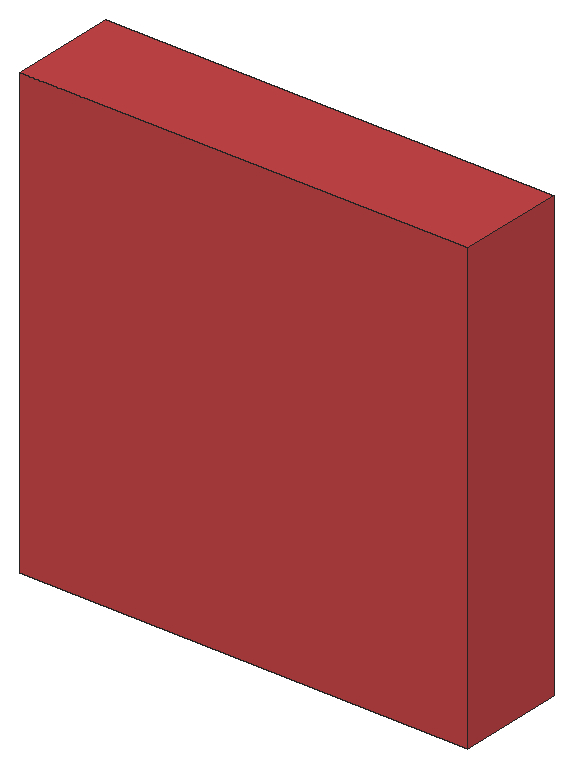
Revit family "IQ8 MCP Small", category Fire Alarm Devices, Revit 2014
Parameters (values of type "MCP Small")
  type of detector [instance] = ""
  material 3 = White
  material 2 = Transparant
  material = Red
  l1 = 88 mm
  h1 = 88 mm
  distance to the wall [instance] = 0 mm
  distance symbol from center [instance] = 0 mm
  content_version = "1.0"
  content_date_modified = "16.06.2015"
  content_date_creation = "16.06.2015"  # constant formula
  b2 = 4 mm
  b1 = 21 mm
  article number = "804971"
  URL = "https://www.esser-systems.com/en/produkte/details/manual-call-points/small-design-abs/804971-iq8mcp-compact-small-red-with-isolator-and-glass-pane.html"
  Model = "IQ8MCP compact, small, red, with isolator and glass pane"
  Manufacturer = "Esser by Honeywell"  # constant formula
  GTIN = ""
  GLN = ""
Reference planes
  plane 1 "Center (Front/Back)": y = 0
  plane 2: z = 0
  plane 3 "Center (Left/Right)": x = 0
  plane 4 "Left": x = 44
  plane 5 "Right": x = -44
  plane 6 "Front": y = 21
  plane 7 "Top": z = 44
  plane 8 "Flip Front": y = 17
  plane 9 "Bottom": z = -44
Forms (mm)
  Extrusion 1, solid, material "Red" <- "material"
    sketch origin (0, 21, 0) x (1, 0, 0) y (0, 0, 1)
      loop
        line (44, 44) -> (-44, 44) -> (-44, -44) -> (44, -44) -> (44, 44)
    from 0 to 21
  Extrusion 2, void
    sketch origin (0, 21, 0) x (1, 0, 0) y (0, 0, 1)
      loop
        line (25, 25) -> (-25, 25) -> (-25, -25) -> (25, -25) -> (25, 25)
      loop
        line (25, 27.009) -> (25, 41.009) -> (-25, 41.009) -> (-25, 27.009) -> (25, 27.009)
    from 0 to 5
  Extrusion 3, solid, material "White" <- "material 3"
    sketch origin (-221.97, 21, -589.762) x (1, 0, 0) y (0, 0, 1)
      loop
        line (226.656, 625.856) -> (226.656, 629.434) -> (223.936, 629.434) -> (223.936, 627.491) -> (224.736, 627.01) -> (224.736, 628.634) -> (225.856, 628.634) -> (225.856, 626.337) -> (226.656, 625.856)
      loop
        line (228.484, 624.407) -> (221.97, 628.321) -> (215.456, 624.407) -> (215.456, 623.474) -> (221.97, 627.388) -> (228.484, 623.474) -> (228.484, 624.407)
      loop
        line (226.847, 624.224) -> (226.847, 618.94) -> (224.021, 618.94) -> (224.021, 623.206) -> (223.221, 623.206) -> (223.221, 618.14) -> (227.647, 618.14) -> (227.647, 623.743) -> (226.847, 624.224)
      loop
        line (220.189, 618.94) -> (217.093, 618.94) -> (217.093, 624.224) -> (216.293, 623.743) -> (216.293, 618.14) -> (220.189, 618.14) -> (220.189, 618.94)
    from 4 to 5
  Extrusion 4, solid, material "White" <- "material 3"
    sketch origin (-221.97, 21, -589.762) x (1, 0, 0) y (0, 0, 1)
      loop
        spline (220.239, 621.213) -> (219.8, 621.748) -> (219.617, 621.93) -> (219.464, 621.943) -> (219.317, 621.843) -> (219.216, 621.649) -> (219.186, 621.381) -> (219.223, 621.067) -> (219.319, 620.736) -> (219.471, 620.411) -> (219.699, 620.069) -> (220.032, 619.674) -> (220.497, 619.19)
        spline (220.497, 619.19) -> (220.886, 619.651) -> (221.105, 620.053) -> (221.199, 620.394) -> (221.214, 620.672) -> (221.177, 620.895) -> (221.093, 621.077) -> (220.965, 621.236) -> (220.804, 621.372) -> (220.64, 621.431) -> (220.506, 621.354) -> (220.399, 621.19) -> (220.239, 621.213)
      loop
        spline (220.625, 618.753) -> (221.979, 619.442) -> (222.641, 620.337) -> (222.833, 621.208) -> (222.743, 622.035) -> (222.489, 622.802) -> (222.056, 623.46) -> (221.469, 623.997) -> (220.859, 624.496) -> (220.302, 625.077) -> (219.774, 625.906) -> (219.238, 627.174) -> (218.649, 629.114)
        line (218.649, 629.114) -> (219.169, 623.498) -> (217.045, 625.865)
        spline (217.045, 625.865) -> (217.13, 624.413) -> (217.237, 623.714) -> (217.221, 623.147) -> (217.167, 622.588) -> (217.183, 622.026) -> (217.346, 621.495) -> (217.687, 621.024) -> (218.13, 620.625) -> (218.606, 620.282) -> (219.129, 619.894) -> (219.749, 619.364) -> (220.625, 618.753)
    from 3.9 to 5
  Extrusion 5, solid, material "Black"
    sketch origin (0, 16, 0) x (-1, 0, 0) y (0, 0, 1)
      loop
        line (-14.332, 2.667) -> (-20.998, 2.667) -> (-20.998, -2.667) -> (-14.332, -2.667) -> (-14.332, -5.833) -> (-9.332, 0) -> (-14.332, 5.833) -> (-14.332, 2.667)
      loop
        line (20.998, 2.667) -> (14.332, 2.667) -> (14.332, 5.833) -> (9.332, 0) -> (14.332, -5.833) -> (14.332, -2.667) -> (20.998, -2.667) -> (20.998, 2.667)
      loop
        circle (0, 0) r 5.333
    from 0 to 1
  Extrusion 6, solid, material "Transparant" <- "material 2"
    sketch origin (0, 21, 0) x (1, 0, 0) y (0, 0, 1)
      loop
        line (25, 25) -> (-25, 25) -> (-25, -25) -> (25, -25) -> (25, 25)
      loop
        line (25, 27.009) -> (25, 41.009) -> (-25, 41.009) -> (-25, 27.009) -> (25, 27.009)
    from 0 to 4
  Extrusion 7, solid, material "White" <- "material 3"
    sketch origin (0, 21, 0) x (1, 0, 0) y (0, 0, 1)
      loop
        line (25, 25) -> (-25, 25) -> (-25, -25) -> (25, -25) -> (25, 25)
    from 4.5 to 5
Cuts and joins
  Extrusion 2 cuts Extrusion 1
Lines and regions (mm)
  model lines
    curve 1: line (33.5, 21, 25.333) -> (33.5, 21, 44)
    curve 2: line (33.5, 21, 44) -> (33.5, 0, 44)
    curve 3: line (-33.5, 21, 44) -> (-33.5, 0, 44)
    curve 4: arc (-25, 21, 25) -> (0, 21, -35.355) -> (25, 21, 25) r 35.355
    curve 5: arc (-33.5, 21, 25.333) -> (0, 21, -42) -> (33.5, 21, 25.333) r 42
    curve 6: line (-33.5, 21, 25.333) -> (-33.5, 21, 44)
    curve 7: line (6.797, 21, -24.746) -> (6.797, 21, -39.926)
    curve 8: arc (-6.797, 21, -39.926) -> (0, 21, -40.5) -> (6.797, 21, -39.926) r 40.5
    curve 9: line (-6.797, 21, -24.746) -> (-6.797, 21, -39.926)
Dimensions and locks
  equal spacing: plane 4 "Left", plane 3 "Center (Left/Right)", plane 5 "Right"
  "b1": plane 1 "Center (Front/Back)" to plane 6 "Front"
  "l1": plane 4 "Left" to plane 5 "Right"
  locked: plane 2 to level
  "b2": plane 8 "Flip Front" to plane 6 "Front"
  equal spacing: plane 7 "Top", level, plane 9 "Bottom"
  "h1": plane 7 "Top" to plane 9 "Bottom"
  aligned and locked: plane 7 "Top" to Extrusion 1 sketch curve
  aligned and locked: Extrusion 1 sketch curve to plane 4 "Left"
  aligned and locked: Extrusion 1 sketch curve to plane 9 "Bottom"
  aligned and locked: Extrusion 1 sketch curve to plane 5 "Right"
  aligned and locked: plane 1 "Center (Front/Back)" to Extrusion 1
  aligned and locked: curve 2 to curve 1
  aligned and locked: curve 3 to curve 6
  aligned and locked: Extrusion 6 to plane 8 "Flip Front"
Automatic sketch dimensions
  curve 4 to curve 5 = 0 mm
  curve 4 to curve 8 = 0 mm  (x2)
  curve 5 to curve 8 = 0 mm
  curve 6 to plane 7 "Top" = 0 mm
  curve 5 to level = 0 mm
  plane 3 "Center (Left/Right)" to curve 5 = 0 mm
  curve 1 to plane 7 "Top" = 0 mm
  plane 5 "Right" to curve 6 = 10.5 mm
  curve 7 to plane 3 "Center (Left/Right)" = 6.797 mm
  plane 4 "Left" to curve 1 = 10.5 mm
  plane 9 "Bottom" to curve 7 = 4.074 mm
  curve 6 to curve 6 = 18.667 mm
  plane 3 "Center (Left/Right)" to curve 9 = 6.797 mm
  curve 5 to curve 4 = 8.5 mm
  curve 4 to curve 1 = 8.5 mm
  curve 8 to curve 9 = 15.179 mm
  curve 7 to curve 9 = 0 mm
  curve 4 to curve 1 = 0.333 mm
  Extrusion 2 sketch curve to plane 7 "Top" = 2.991 mm
  plane 5 "Right" to Extrusion 2 sketch curve = 19 mm
  Extrusion 2 sketch curve to Extrusion 2 sketch curve = 0 mm  (x2)
  plane 4 "Left" to Extrusion 2 sketch curve = 19 mm
  Extrusion 2 sketch curve to Extrusion 2 sketch curve = 14 mm
  Extrusion 2 sketch curve to Extrusion 2 sketch curve = 2.009 mm
  plane 9 "Bottom" to Extrusion 2 sketch curve = 19 mm
  plane 3 "Center (Left/Right)" to Extrusion 3 sketch curve = 0 mm  (x2)
  plane 3 "Center (Left/Right)" to Extrusion 3 sketch curve = 1.781 mm
  Extrusion 3 sketch curve to Extrusion 3 sketch curve = 3.096 mm
  Extrusion 3 sketch curve to Extrusion 3 sketch curve = 0.8 mm  (x8)
  Extrusion 3 sketch curve to Extrusion 3 sketch curve = 0.837 mm  (x2)
  Extrusion 3 sketch curve to plane 3 "Center (Left/Right)" = 1.251 mm
  Extrusion 3 sketch curve to plane 3 "Center (Left/Right)" = 1.966 mm
  Extrusion 3 sketch curve to Extrusion 3 sketch curve = 1.12 mm
  Extrusion 3 sketch curve to Extrusion 3 sketch curve = 2.827 mm
  Extrusion 3 sketch curve to plane 7 "Top" = 15.622 mm
  Extrusion 3 sketch curve to Extrusion 3 sketch curve = 0 mm
  Extrusion 3 sketch curve to Extrusion 3 sketch curve = 4.267 mm
  Extrusion 3 sketch curve to Extrusion 3 sketch curve = 0.268 mm
  Extrusion 3 sketch curve to Extrusion 3 sketch curve = 4.534 mm
  Extrusion 3 sketch curve to Extrusion 3 sketch curve = 0.269 mm  (x2)
  Extrusion 3 sketch curve to Extrusion 3 sketch curve = 0.481 mm  (x4)
  Extrusion 3 sketch curve to Extrusion 3 sketch curve = 0.933 mm  (x3)
  Extrusion 3 sketch curve to Extrusion 3 sketch curve = 1.632 mm
  Extrusion 3 sketch curve to Extrusion 3 sketch curve = 0.673 mm
  Extrusion 3 sketch curve to Extrusion 3 sketch curve = 0.378 mm
  Extrusion 3 sketch curve to Extrusion 3 sketch curve = 1.143 mm
  plane 3 "Center (Left/Right)" to Extrusion 4 sketch curve = 4.925 mm
  plane 3 "Center (Left/Right)" to Extrusion 4 sketch curve = 3.321 mm
  plane 3 "Center (Left/Right)" to Extrusion 4 sketch curve = 2.801 mm
  plane 3 "Center (Left/Right)" to Extrusion 4 sketch curve = 1.473 mm
  Extrusion 4 sketch curve to Extrusion 4 sketch curve = 0.128 mm
  Extrusion 4 sketch curve to plane 7 "Top" = 15.009 mm
  Extrusion 4 sketch curve to Extrusion 4 sketch curve = 0.437 mm
  Extrusion 4 sketch curve to Extrusion 4 sketch curve = 4.307 mm
  Extrusion 4 sketch curve to Extrusion 4 sketch curve = 2.368 mm
  Extrusion 4 sketch curve to Extrusion 4 sketch curve = 3.248 mm
  plane 3 "Center (Left/Right)" to Extrusion 4 sketch curve = 1.731 mm
  Extrusion 4 sketch curve to Extrusion 4 sketch curve = 0 mm  (x2)
  Extrusion 4 sketch curve to Extrusion 4 sketch curve = 2.023 mm
  Extrusion 1 to curve 3 = 0 mm
  Extrusion 1 to curve 2 = 0 mm
  curve 3 to Extrusion 1 = 0 mm
  curve 2 to Extrusion 1 = 0 mm
  Extrusion 5 sketch curve to Extrusion 5 sketch curve = 0 mm  (x6)
  Extrusion 5 sketch curve to Extrusion 2 = 4.002 mm  (x2)
  Extrusion 5 sketch curve to Extrusion 5 sketch curve = 6.667 mm
  Extrusion 5 sketch curve to Extrusion 5 sketch curve = 5 mm  (x2)
  Extrusion 5 sketch curve to Extrusion 5 sketch curve = 9.332 mm  (x2)
  Extrusion 5 sketch curve to Extrusion 2 = 19.167 mm  (x2)
  Extrusion 5 sketch curve to Extrusion 5 sketch curve = 3.167 mm  (x4)
  Extrusion 5 sketch curve to Extrusion 5 sketch curve = 2.667 mm
  Extrusion 5 sketch curve to Extrusion 5 sketch curve = 5.333 mm  (x2)
  Extrusion 5 sketch curve to Extrusion 5 sketch curve = 3.998 mm
  Extrusion 6 sketch curve to plane 7 "Top" = 2.991 mm
  plane 5 "Right" to Extrusion 6 sketch curve = 19 mm
  Extrusion 6 sketch curve to Extrusion 6 sketch curve = 0 mm  (x2)
  plane 4 "Left" to Extrusion 6 sketch curve = 19 mm
  Extrusion 6 sketch curve to Extrusion 6 sketch curve = 14 mm
  Extrusion 6 sketch curve to Extrusion 6 sketch curve = 2.009 mm
  plane 9 "Bottom" to Extrusion 6 sketch curve = 19 mm
  plane 5 "Right" to Extrusion 7 sketch curve = 19 mm
  plane 4 "Left" to Extrusion 7 sketch curve = 19 mm
  plane 9 "Bottom" to Extrusion 7 sketch curve = 19 mm
  Extrusion 7 sketch curve to plane 7 "Top" = 19 mm
Nested families
  nested 1: "Honeywell_Druckknopfmelder" at (0, 0, 0), type of detector <- "type of detector", distance to the wall <- "distance to the wall", distance symbol from center <- "distance symbol from center", type "druckknopfmelder DK"
    with type of detector "", distance to the wall 0 mm, distance symbol from center 0 mm, atdm min 0 mm, atdm 0 mm, afst mid plus 0 mm, afst mid min 0 mm
Connectors
  electrical at (0, 0, 0)
    settings: on cut or joined group of Extrusion 1, Extrusion 2, index 1, voltage 0 V, apparent load 0 VA, apparent load phase1 0 VA, apparent load phase2 0 VA, apparent load phase3 0 VA, power factor 1, load classification "Other", number of poles 1, system type 11, power factor state 1, is connector primary yes, connector utility no, sub classification motor no, connector description ""
Definition of nested family "Honeywell_Druckknopfmelder"
  Parameters (values of type "druckknopfmelder DK")
    type of detector [instance] = ""
    content_version = "1.0"  # constant formula
    content_modified_date = "26-06-2015"  # constant formula
    content_creation_date = "26-06-2015"  # constant formula
    atdm min [instance] = if(distance to the wall < 0 mm, -1 * distance to the wall, 0 mm)  # 0 mm
    atdm [instance] = if(distance to the wall > 0 mm, distance to the wall, 0 mm)  # 0 mm
    distance to the wall [instance] = 0 mm
    distance symbol from center [instance] = 0 mm
    afst mid plus [instance] = if(distance symbol from center > 0 mm, distance symbol from center, 0 mm)  # 0 mm
    afst mid min [instance] = if(distance symbol from center < 0 mm, -1 * distance symbol from center, 0 mm)  # 0 mm
    Description = "druckknopfmelder DK"  # constant formula
    Copyright © Cadac = "www.cadac.com/aec"
  Reference planes
    plane 1: y = 0
    plane 2: x = 0
  Lines and regions (mm)
    reference lines, not visible
      curve 1: line (0, 8.982, 0) -> (0, -8.267, 0)
      curve 2: line (0, -8.267, 0) -> (0, 9, 0)
      curve 3: line (-13, 0, 0) -> (13.702, 0, 0)
    detail lines, style "Security Devices_Fire Safety Devices"
      curve 4: line (-2.975, 0, 0) -> (2.975, 0, 0)
      curve 5: line (2.975, 0, 0) -> (2.975, 4, 0)
      curve 6: line (2.975, 4, 0) -> (-2.975, 4, 0)
      curve 7: line (-2.975, 4, 0) -> (-2.975, 0, 0)
      curve 15: line (2.975, 3, 0) -> (-2.975, 3, 0)
      curve 16: line (2.975, 1, 0) -> (-2.975, 1, 0)
    detail lines, style "Security Devices_Fire Safety Devices", not visible
      curve 8: line (-148.799, 42.572, 0) -> (-142.85, 42.572, 0)
      curve 9: line (-142.85, 42.572, 0) -> (-142.85, 46.572, 0)
      curve 10: line (-142.85, 46.572, 0) -> (-148.799, 46.572, 0)
      curve 11: line (-148.799, 46.572, 0) -> (-148.799, 42.572, 0)
      curve 12: line (-2.975, 2, 0) -> (-2.775, 2, 0)
      curve 13: line (-148.799, 44.572, 0) -> (-148.599, 44.572, 0)
      curve 18: line (-142.85, 45.572, 0) -> (-148.799, 45.572, 0)
      curve 19: line (-142.85, 43.572, 0) -> (-148.799, 43.572, 0)
    reference lines
      curve 14: line (-13, 0, 0) -> (13.702, 0, 0)
    detail lines
      curve 17: circle (0, 2, 0) r 1 normal (0, 0, 1)
    detail lines, not visible
      curve 20: circle (-145.825, 44.572, 0) r 1 normal (0, 0, 1)
      curve 21: line (0, 0, 0) -> (0, 0.5, 0)
      curve 22: line (-145.825, 42.572, 0) -> (-145.825, 43.072, 0)
  Text (mm)
    text "Cadac Group AEC" at (-305.182, -0.685, 0), not visible
  Dimensions and locks
    "atdm": curve 14 to curve 3
    "afst mid plus": curve 1 to curve 2
    "afst mid min": plane 2 to curve 2
    "atdm min": curve 14 to plane 1
    aligned and locked: curve 3 to curve 4
    aligned and locked: curve 21 to curve 1
  Automatic sketch dimensions
    curve 14 to plane 2 = 13 mm
    curve 3 to curve 14 = 0 mm  (x2)
    plane 2 to curve 14 = 13.702 mm
    plane 1 to curve 2 = 8.267 mm
    curve 1 to curve 2 = 0 mm
    curve 1 to plane 1 = 8.982 mm
    curve 1 to curve 2 = 0.018 mm
    curve 12 to curve 17 = 2.975 mm
    curve 17 to curve 4 = 2.975 mm
    curve 17 to curve 6 = 2 mm
    curve 12 to curve 12 = 0.2 mm
    curve 21 to curve 17 = 0 mm
    curve 21 to curve 17 = 2 mm
    curve 4 to curve 16 = 1 mm
    curve 21 to curve 17 = 1.5 mm
    curve 16 to curve 12 = 1 mm
    curve 12 to curve 15 = 1 mm
    curve 13 to curve 20 = 2.975 mm
    curve 20 to curve 8 = 2.975 mm
    curve 20 to curve 10 = 2 mm
    curve 13 to curve 13 = 0.2 mm
    curve 22 to curve 20 = 0 mm
    curve 22 to curve 20 = 2 mm
    curve 8 to curve 19 = 1 mm
    curve 22 to curve 20 = 1.5 mm
    curve 19 to curve 13 = 1 mm
    curve 13 to curve 18 = 1 mm
    radius of curve 17 = 1 mm
    radius of curve 20 = 1 mm
